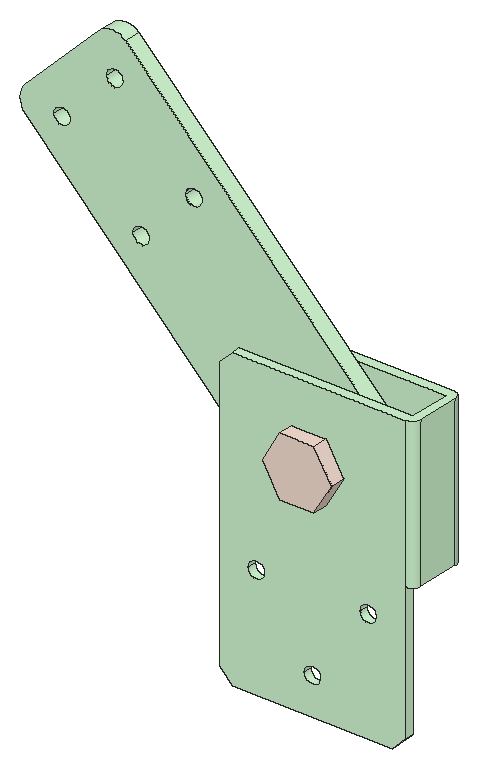
Revit family "防振ブレース金具(左)", category 機械設備, Revit 2020
Family settings
  丸型コネクタ寸法 = 直径を使用
  種別 = なし
  パーツ タイプ = 標準
  作業面ベース = いいえ
  常に垂直 = はい
  ロード時にボイドで切り取り = いいえ
  共有 = いいえ
  部屋計算ポイント = いいえ
Parameters
  製造元 = "株式会社桐井製作所"
  既定の高さ = 0 mm
  URL = "https://www.kirii.co.jp/"
  K_角度 [instance] = 45.00°
  K_品名 = "防振ブレース金具(左)"
  K_名称 = "防振ブレース下部取付金具"
  K_バージョン情報 = "20211216"
Reference planes
  plane 1 "中心(正面/背面)": y = 0
  plane 2: z = 0
  plane 3 "中心(左/右)": x = 0
  plane 4: z = 60
  plane 5: z = 60
Forms (mm)
  Extrusion 1, solid
    sketch origin (2.3, 0, 80) x (-1, 0, 0) y (0, -1, 0)
      loop
        line (2.3, -5.7) -> (2.3, 5.7) -> (52.3, 5.7) -> (52.3, 8) -> (2.3, 8)
        arc (2.3, 8) -> (0.674, 7.326) -> (0, 5.7) r 2.3
        line (0, 5.7) -> (0, -5.7)
        arc (0, -5.7) -> (0.674, -7.326) -> (2.3, -8) r 2.3
        line (2.3, -8) -> (52.3, -8) -> (52.3, -5.7) -> (2.3, -5.7)
    from -40 to 0
  Extrusion 2, void
    sketch origin (2.3, 0, 80) x (-1, 0, 0) y (0, 0, -1)
      loop
        line (52.3, 3.5) -> (48.8, 0) -> (52.3, 0) -> (52.3, 3.5)
    from 5.7 to 8
  Extrusion 3, void
    sketch origin (2.3, 13.7, 80) x (-1, 0, 0) y (0, 0, -1)
      loop
        line (52.3, 3.5) -> (48.8, 0) -> (52.3, 0) -> (52.3, 3.5)
    from 5.7 to 8
  Extrusion 4, void
    sketch origin (2.3, 0, 80) x (-1, 0, 0) y (0, 0, -1)
      loop
        circle (28.3, 20) r 5
    from -8 to -5.7
  Extrusion 5, void
    sketch origin (2.3, -13.7, 80) x (-1, 0, 0) y (0, 0, -1)
      loop
        circle (28.3, 20) r 5
    from -8 to -5.7
  Extrusion 6, solid
    sketch origin (2.3, 0, 80) x (-1, 0, 0) y (0, -1, 0)
      loop
        line (52.3, 5.7) -> (52.3, 8) -> (2.3, 8) -> (2.3, 5.7) -> (52.3, 5.7)
    from -80 to -40
  Extrusion 7, void
    sketch origin (2.3, 0, 80) x (-1, 0, 0) y (0, 0, -1)
      loop
        line (52.3, 80) -> (48.8, 80) -> (52.3, 76.5) -> (52.3, 80)
      loop
        line (2.3, 80) -> (2.3, 76.5) -> (5.8, 80) -> (2.3, 80)
    from 5.7 to 8
  Extrusion 8, void
    sketch origin (2.3, 0, 80) x (-1, 0, 0) y (0, 0, -1)
      loop
        circle (12.3, 50) r 2.25
      loop
        circle (42.3, 50) r 2.25
      loop
        circle (27.3, 70) r 2.25
    from 5.7 to 8
  Extrusion 9, void
    sketch origin (2.3, 13.7, 40) x (-1, 0, 0) y (0, 0, -1)
      loop
        line (52.3, -3.5) -> (52.3, 0) -> (48.8, 0) -> (52.3, -3.5)
    from 5.7 to 8
Cuts and joins
  Extrusion 2, Extrusion 3, Extrusion 9 cuts Extrusion 1
  Extrusion 7, Extrusion 8, Extrusion 9 cuts Extrusion 6
  joined: Extrusion 1, Extrusion 6
Dimensions and locks
  "K_角度": angle plane 5 to nested 1
  aligned and locked: level to plane 2
Automatic sketch dimensions
  Extrusion 1 sketch curve to plane 3 "中心(左/右)" = 0 mm  (x3)
  plane 3 "中心(左/右)" to Extrusion 1 sketch curve = 2.3 mm
  Extrusion 1 sketch curve to plane 1 "中心(正面/背面)" = 8 mm
  Extrusion 1 sketch curve to Extrusion 1 sketch curve = 50 mm
  Extrusion 1 sketch curve to Extrusion 1 sketch curve = 0 mm  (x2)
  Extrusion 1 sketch curve to Extrusion 1 sketch curve = 2.3 mm
  plane 1 "中心(正面/背面)" to Extrusion 1 sketch curve = 5.7 mm
  plane 4 to Extrusion 2 sketch curve = 20 mm
  Extrusion 2 sketch curve to plane 3 "中心(左/右)" = 46.5 mm
  Extrusion 2 sketch curve to Extrusion 2 sketch curve = 3.5 mm
  plane 4 to Extrusion 2 sketch curve = 16.5 mm
  Extrusion 2 sketch curve to Extrusion 2 sketch curve = 0 mm
  plane 4 to Extrusion 3 sketch curve = 20 mm
  Extrusion 3 sketch curve to plane 3 "中心(左/右)" = 46.5 mm
  Extrusion 3 sketch curve to Extrusion 3 sketch curve = 3.5 mm
  plane 4 to Extrusion 3 sketch curve = 16.5 mm
  Extrusion 3 sketch curve to Extrusion 3 sketch curve = 0 mm
  Extrusion 4 sketch curve to plane 4 = 0 mm
  Extrusion 4 sketch curve to plane 3 "中心(左/右)" = 26 mm
  Extrusion 5 sketch curve to plane 4 = 0 mm
  Extrusion 5 sketch curve to plane 3 "中心(左/右)" = 26 mm
  Extrusion 6 sketch curve to plane 3 "中心(左/右)" = 0 mm
  plane 1 "中心(正面/背面)" to Extrusion 6 sketch curve = 8 mm
  Extrusion 6 sketch curve to Extrusion 6 sketch curve = 50 mm
  Extrusion 6 sketch curve to Extrusion 6 sketch curve = 2.3 mm
  Extrusion 7 sketch curve to plane 3 "中心(左/右)" = 0 mm
  Extrusion 7 sketch curve to level = 0 mm  (x3)
  Extrusion 7 sketch curve to Extrusion 7 sketch curve = 3.5 mm  (x2)
  Extrusion 7 sketch curve to Extrusion 7 sketch curve = 46.5 mm
  level to Extrusion 7 sketch curve = 3.5 mm  (x2)
  Extrusion 8 sketch curve to plane 3 "中心(左/右)" = 10 mm
  level to Extrusion 8 sketch curve = 10 mm
  Extrusion 8 sketch curve to Extrusion 8 sketch curve = 15 mm  (x2)
  Extrusion 8 sketch curve to Extrusion 8 sketch curve = 20 mm  (x2)
  Extrusion 9 sketch curve to plane 4 = 20 mm
  Extrusion 9 sketch curve to plane 3 "中心(左/右)" = 46.5 mm
  Extrusion 9 sketch curve to Extrusion 9 sketch curve = 3.5 mm
  Extrusion 9 sketch curve to plane 4 = 16.5 mm
  Extrusion 9 sketch curve to Extrusion 9 sketch curve = 0 mm
  radius of Extrusion 4 sketch curve = 5 mm
  radius of Extrusion 5 sketch curve = 5 mm
  radius of Extrusion 8 sketch curve = 2.25 mm  (x3)
Nested families
  nested 1: "防振ブレース金具可動部" at (-26, 0, 60) x (-1, 0, 0) z (0, 0, 1), type "防振ブレース金具可動部"
Definition of nested family "防振ブレース金具可動部"
  Parameters (values of type "防振ブレース金具可動部")
    Manufacturer = "株式会社桐井製作所"
    Default Elevation = 0 mm
    URL = "https://www.kirii.co.jp/"
    K_品名 = "防振ブレース金具"
    K_名称 = "ブレース下部取付金具"
    K_バージョン情報 = "20211215"
  Reference planes
    plane 1 "中心(正面/背面)": y = 0
    plane 2: z = 0
    plane 3 "中心(左/右)": x = 0
  Forms (mm)
    Extrusion 1, solid, not visible
      sketch origin (0, 0, 0) x (1, 0, 0) y (0, 1, 0)
        loop
          line (-18.2, -3.2) -> (-18.2, -4.104)
          arc (-18.2, -4.104) -> (-14.101, -8.195) -> (-18.192, -12.295) r 4.096
          line (-18.192, -12.295) -> (-18.192, -13.2) -> (-55.2, -13.2) -> (-55.2, -16.4) -> (-18.2, -16.4)
          arc (-18.2, -16.4) -> (-10, -8.2) -> (-18.2, 0) r 8.2
          line (-18.2, 0) -> (-55.2, 0) -> (-55.2, -3.2) -> (-18.2, -3.2)
      from 0 to 36
    Extrusion 2, void, not visible
      sketch origin (169.414, 0, -254.015) x (1, 0, 0) y (0, 0, 1)
        loop
          line (-224.614, 269.007) -> (-224.614, 254.015) -> (-210.114, 254.015)
          arc (-210.114, 254.015) -> (-220.396, 258.578) -> (-224.614, 269.007) r 15
      from 0 to 17
    Extrusion 3, void, not visible
      sketch origin (1.543, 0, 0) x (1, 0, 0) y (0, 0, 1)
        loop
          circle (-35.2, 18.1) r 8
      from 0 to 17
    Extrusion 4, void, not visible
      sketch origin (0, 0, 0) x (1, 0, 0) y (0, 1, 0)
        loop
          arc (-18.2, -16.4) -> (-10, -8.2) -> (-18.2, 0) r 8.2
          line (-18.2, 0) -> (-18.2, -1.007)
          arc (-18.2, -1.007) -> (-11.001, -8.199) -> (-18.2, -15.392) r 7.193
          line (-18.2, -15.392) -> (-18.2, -16.4)
      from 0 to 2
    Extrusion 5, void, not visible
      sketch origin (0, 0, 21.29) x (1, 0, 0) y (0, 1, 0)
        loop
          arc (-18.2, -16.4) -> (-10, -8.2) -> (-18.2, 0) r 8.2
          line (-18.2, 0) -> (-18.2, -1.007)
          arc (-18.2, -1.007) -> (-11.001, -8.199) -> (-18.2, -15.392) r 7.193
          line (-18.2, -15.392) -> (-18.2, -16.4)
      from 0 to 2
    Extrusion 6, void, not visible
      sketch origin (0, 0, 16.29) x (1, 0, 0) y (0, 1, 0)
        loop
          arc (-18.2, -16.4) -> (-10, -8.2) -> (-18.2, 0) r 8.2
          line (-18.2, 0) -> (-18.2, -16.4)
      from 0 to 5
    Extrusion 7, void, not visible
      sketch origin (169.414, 0, -289.015) x (1, 0, 0) y (0, 0, 1)
        loop
          arc (-224.614, 311.023) -> (-220.396, 321.452) -> (-210.114, 326.015) r 15
          line (-210.114, 326.015) -> (-224.614, 326.015) -> (-224.614, 311.023)
      from 0 to 17
    Extrusion 8, void, not visible
      sketch origin (1.543, 0, -35) x (1, 0, 0) y (0, 0, 1)
        loop
          circle (-35.2, 53.9) r 8
      from 0 to 17
    Extrusion 9, solid, not visible
      sketch origin (0, 0, -71) x (1, 0, 0) y (0, 1, 0)
        loop
          line (-18.2, -3.2) -> (-18.2, -4.104)
          arc (-18.2, -4.104) -> (-14.101, -8.195) -> (-18.192, -12.295) r 4.096
          line (-18.192, -12.295) -> (-18.192, -13.2) -> (-55.2, -13.2) -> (-55.2, -16.4) -> (-18.2, -16.4)
          arc (-18.2, -16.4) -> (-10, -8.2) -> (-18.2, 0) r 8.2
          line (-18.2, 0) -> (-55.2, 0) -> (-55.2, -3.2) -> (-18.2, -3.2)
      from 0 to 36
    Extrusion 10, void, not visible
      sketch origin (0.008, 0, -37) x (1, 0, 0) y (0, 1, 0)
        loop
          arc (-18.2, -16.4) -> (-10, -8.2) -> (-18.2, 0) r 8.2
          line (-18.2, 0) -> (-18.2, -1.007)
          arc (-18.2, -1.007) -> (-11.001, -8.199) -> (-18.2, -15.392) r 7.193
          line (-18.2, -15.392) -> (-18.2, -16.4)
      from 0 to 2
    Extrusion 11, void, not visible
      sketch origin (0.008, 0, -15.71) x (1, 0, 0) y (0, 1, 0)
        loop
          arc (-18.2, -16.4) -> (-10, -8.2) -> (-18.2, 0) r 8.2
          line (-18.2, 0) -> (-18.2, -1.007)
          arc (-18.2, -1.007) -> (-11.001, -8.199) -> (-18.2, -15.392) r 7.193
          line (-18.2, -15.392) -> (-18.2, -16.4)
      from 0 to 2
    Extrusion 12, void, not visible
      sketch origin (0.008, 0, -20.71) x (1, 0, 0) y (0, 1, 0)
        loop
          arc (-18.2, -16.4) -> (-10, -8.2) -> (-18.2, 0) r 8.2
          line (-18.2, 0) -> (-18.2, -16.4)
      from 0 to 5
    Extrusion 13, solid
      sketch origin (0, 0, -0.148) x (1, 0, 0) y (0, 0, 1)
        loop
          line (53.74, 80.759) -> (-13.435, 13.583)
          arc (-13.435, 13.583) -> (-13.435, -13.287) -> (13.435, -13.287) r 19
          line (13.435, -13.287) -> (80.61, 53.889)
          arc (80.61, 53.889) -> (82.075, 57.424) -> (80.61, 60.96) r 5
          line (80.61, 60.96) -> (60.811, 80.759)
          arc (60.811, 80.759) -> (57.276, 82.223) -> (53.74, 80.759) r 5
      from -2.25 to 2.25
    Extrusion 14, void
      sketch origin (0, 0, -0.148) x (1, 0, 0) y (0, 0, 1)
        loop
          circle (56.569, 70.859) r 2.25
        loop
          circle (70.711, 56.717) r 2.25
        loop
          circle (49.497, 35.504) r 2.25
        loop
          circle (35.355, 49.646) r 2.25
      from -2.25 to 2.25
    Extrusion 15, void
      sketch origin (0, 0, -0.148) x (1, 0, 0) y (0, 0, 1)
        loop
          circle (0, 0.148) r 5
      from -2.25 to 2.25
    Extrusion 16, solid
      sketch origin (0, 0, -0.148) x (1, 0, 0) y (0, 0, 1)
        loop
          circle (0, 0.148) r 14
        loop
          circle (0, 0.148) r 5
      from 2.25 to 5.7
    Extrusion 17, solid
      sketch origin (0, 7.95, -0.148) x (1, 0, 0) y (0, 0, 1)
        loop
          circle (0, 0.148) r 14
        loop
          circle (0, 0.148) r 5
      from 2.25 to 5.7
  Cuts and joins
    Extrusion 14, Extrusion 15 cuts Extrusion 13
  Lines and regions (mm)
    reference lines
      curve 1: line (0, 0, 0) -> (70.711, 0, 70.711)
  Dimensions and locks
    aligned and locked: level to plane 2
  Nested families
    nested 1: "M10×25ボルト" at (0, -12, 0) x (-1, 0, 0) z (0, 0, 1), type "M10×25ボルト"
    nested 2: "ナット" at (0, 7.992, 0) x (1, 0, 0) z (0, 1, 0), type "ナット"
  Definition of nested family "M10×25ボルト"
    Parameters (values of type "M10×25ボルト")
      Manufacturer = "株式会社桐井製作所"
      Default Elevation = 0 mm
      URL = "https://www.kirii.co.jp/"
      K_材料規格 = "M10×L25"
      K_品名 = "M10×25ボルト"
      K_名称 = "M10×25ボルト"
      K_備考 = "KIRIIアングルクランプ付属品"
    Reference planes
      plane 1 "中心(正面/背面)": y = 0
      plane 2: z = 0
      plane 3 "中心(左/右)": x = 0
      plane 4: x = 8
      plane 5: x = -8
      plane 6 "正面": y = -4
      plane 7: z = 8
      plane 8: z = -8
    Forms (mm)
      Extrusion 1, solid
        sketch origin (0, 0, 0) x (1, 0, 0) y (0, 0, 1)
          loop
            line (-4.619, 8) -> (-9.238, 0) -> (-4.619, -8) -> (4.619, -8) -> (9.238, 0) -> (4.619, 8) -> (-4.619, 8)
        from 0 to 4
      Extrusion 2, solid
        sketch origin (0, 0, 25.676) x (1, 0, 0) y (0, 0, 1)
          loop
            circle (0, -25.676) r 4.1
        from 4 to 29
    Cuts and joins
      joined: Extrusion 1, Extrusion 2
    Lines and regions (mm)
      model lines
        curve 1: circle (0, 0, 0) r 8 normal (0, -1, 0)
    Dimensions and locks
      aligned and locked: level to plane 2
  Definition of nested family "ナット"
    Parameters (values of type "ナット")
      Default Elevation = 1219.2 mm
    Reference planes
      plane 1 "中心(正面/背面)": y = 0
      plane 2: z = 0
      plane 3 "中心(左/右)": x = 0
    Forms (mm)
      Extrusion 1, solid
        sketch origin (0, 0, 0) x (1, 0, 0) y (0, 1, 0)
          loop
            line (-55, 45) -> (-55, -45.273) -> (55.986, -45.273) -> (55.986, 45) -> (-55, 45)
        from 0 to -304.8
      Revolve 2, solid
        sketch origin (0, 0, 2.36) x (1, 0, 0) y (0, 0, 1)
          loop
            arc (8.083, 4.64) -> (7.781, 5.356) -> (7.057, 5.64) r 1
            line (7.057, 5.64) -> (4.765, 5.64) -> (4.765, -2.36) -> (8.083, -2.36) -> (8.083, 4.64)
          axis (0, 5.64) -> (0, -2.36)
        angle from 0 to 360
      Extrusion 3, void
        sketch origin (0, 0, 0) x (1, 0, 0) y (0, 1, 0)
          loop
            line (8.083, 0) -> (4.041, 7) -> (-4.041, 7) -> (-8.083, 0) -> (-4.041, -7) -> (4.041, -7) -> (8.083, 0)
          loop
            circle (0, 0) r 8.42
        from 0 to 8.277
    Cuts and joins
      Extrusion 3 cuts Revolve 2
    Dimensions and locks
      aligned and locked: plane 2 to Extrusion 1
      aligned and locked: level to Extrusion 1
